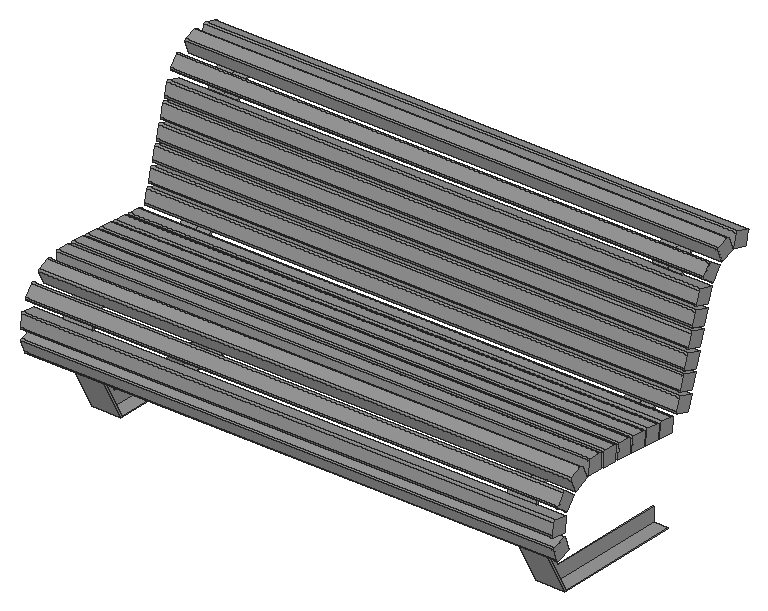
Revit family "Скамейка стальная «Мехико» Арт 13979", category Антураж, Revit 2018
Family settings
  На основе рабочей плоскости = Нет
  Всегда вертикально = Да
  При загрузке вырезать с полостями = Нет
  Источник визуального образа = Геометрия семейства
  Общий = Нет
  Точка расчета площади = Нет
Parameters (values of type "Версия 1,8 м")
  Ширина = 890 mm  # constant formula
  Цвет опоры = Сталь
  Цвет лавки = Дерево
  Средняя опора = or([Версия 2,0 м (3 опоры)], [Версия 2,5 м (3 опоры)])  # no
  Описание = if([Версия 1,8 м], "Скамейка стальная «Мехико». Версия 1,8 м", if([Версия 2,0 м], "Скамейка стальная «Мехико». Версия 2,0 м (2 опоры)", if([Версия 2,0 м (3 опоры)], "Скамейка стальная «Мехико». Версия 2,0 м (3 опоры)", "Скамейка стальная «Мехико». Версия 2,5 м (3 опоры)")))  # "Скамейка стальная «Мехико». Версия 1,8 м"
  Материал изделия = "Сталь, дерево"  # constant formula
  Изображение типоразмера = Скамейка стальная «Мехико» Арт 13979 2 опоры.jpg
  Изготовитель = "ООО «Хоббика»"  # constant formula
  Длина = if([Версия 1,8 м], 1800 mm, if(or([Версия 2,0 м], [Версия 2,0 м (3 опоры)]), 2000 mm, 2500 mm))  # 1800 mm
  Группа модели = "Скамейки"  # constant formula
  Высота = 860 mm  # constant formula
  Версия 2,5 м (3 опоры) = no
  Версия 2,0 м (3 опоры) = no
  Версия 2,0 м = no
  Версия 1,8 м = yes
  Артикул товара = "Арт. 13979"  # constant formula
  URL = "https://hobbyka.ru/product/skameyka_mekhiko/"
Types (5, lengths in mm): name | Средняя опора | Описание | Изображение типоразмера | Длина | Версия 2,5 м (3 опоры) | Версия 2,0 м (3 опоры) | Версия 2,0 м | Версия 1,8 м
  (no name) | no | "Скамейка стальная «Мехико». Версия 1,8 м" | Скамейка стальная «Мехико» Арт 13979 2 опоры.jpg | 1800 | no | no | no | yes
  Версия 1,8 м | no | "Скамейка стальная «Мехико». Версия 1,8 м" | Скамейка стальная «Мехико» Арт 13979 2 опоры.jpg | 1800 | no | no | no | yes
  Версия 2,0 м | no | "Скамейка стальная «Мехико». Версия 2,0 м (2 опоры)" | Скамейка стальная «Мехико» Арт 13979 2 опоры.jpg | 2000 | no | no | yes | no
  Версия 2,0 м (3 опоры) | yes | "Скамейка стальная «Мехико». Версия 2,0 м (3 опоры)" | Скамейка стальная «Мехико» Арт 13979 3 опоры.jpg | 2000 | no | yes | no | no
  Версия 2,5 м (3 опоры) | yes | "Скамейка стальная «Мехико». Версия 2,5 м (3 опоры)" | Скамейка стальная «Мехико» Арт 13979 3 опоры.jpg | 2500 | yes | no | no | no
Reference planes
  plane 1 "По центру (Вперед/Назад)": y = 0
  plane 2: z = 0
  plane 3 "По центру (Влево/Вправо)": x = 0
  plane 4: x = 1800
  plane 5: x = 900
  plane 6: y = 890
  plane 7: z = 860
Forms (mm)
  Extrusion 1, solid, material "Дерево" <- "Цвет лавки"
    sketch origin (0, 0, 0) x (0, 1, 0) y (0, 0, 1)
      loop
        line (815.072, 800.975) -> (826.539, 844.489)
        arc (826.539, 844.489) -> (826.024, 848.281) -> (822.978, 850.598) r 5
        line (822.978, 850.598) -> (784.298, 860.791)
        arc (784.298, 860.791) -> (780.506, 860.276) -> (778.189, 857.23) r 5
        line (778.189, 857.23) -> (766.723, 813.716) -> (815.072, 800.975)
      loop
        line (671.358, 742.911) -> (628.206, 755.672)
        arc (628.206, 755.672) -> (624.4, 755.27) -> (621.993, 752.295) r 5
        line (621.993, 752.295) -> (610.65, 713.937)
        arc (610.65, 713.937) -> (611.051, 710.132) -> (614.026, 707.725) r 5
        line (614.026, 707.725) -> (657.179, 694.963) -> (671.358, 742.911)
      loop
        line (654.343, 685.374) -> (611.191, 698.135)
        arc (611.191, 698.135) -> (607.385, 697.734) -> (604.978, 694.759) r 5
        line (604.978, 694.759) -> (593.634, 656.401)
        arc (593.634, 656.401) -> (594.036, 652.595) -> (597.011, 650.188) r 5
        line (597.011, 650.188) -> (640.164, 637.427) -> (654.343, 685.374)
      loop
        line (637.328, 627.837) -> (594.175, 640.599)
        arc (594.175, 640.599) -> (590.37, 640.197) -> (587.963, 637.222) r 5
        line (587.963, 637.222) -> (576.619, 598.864)
        arc (576.619, 598.864) -> (577.021, 595.058) -> (579.996, 592.651) r 5
        line (579.996, 592.651) -> (623.149, 579.89) -> (637.328, 627.837)
      loop
        line (620.313, 570.3) -> (577.16, 583.062)
        arc (577.16, 583.062) -> (573.354, 582.66) -> (570.947, 579.685) r 5
        line (570.947, 579.685) -> (559.604, 541.327)
        arc (559.604, 541.327) -> (560.006, 537.521) -> (562.981, 535.114) r 5
        line (562.981, 535.114) -> (606.133, 522.353) -> (620.313, 570.3)
      loop
        line (603.297, 512.764) -> (560.145, 525.525)
        arc (560.145, 525.525) -> (556.339, 525.123) -> (553.932, 522.148) r 5
        line (553.932, 522.148) -> (542.589, 483.79)
        arc (542.589, 483.79) -> (542.99, 479.985) -> (545.965, 477.578) r 5
        line (545.965, 477.578) -> (589.118, 464.816) -> (603.297, 512.764)
      loop
        line (586.282, 455.227) -> (543.13, 467.988)
        arc (543.13, 467.988) -> (539.324, 467.587) -> (536.917, 464.611) r 5
        line (536.917, 464.611) -> (525.573, 426.254)
        arc (525.573, 426.254) -> (525.975, 422.448) -> (528.95, 420.041) r 5
        line (528.95, 420.041) -> (572.103, 407.279) -> (586.282, 455.227)
      loop
        line (504.01, 372.954) -> (507.432, 417.824)
        arc (507.432, 417.824) -> (506.24, 421.461) -> (502.827, 423.19) r 5
        line (502.827, 423.19) -> (462.942, 426.232)
        arc (462.942, 426.232) -> (459.306, 425.04) -> (457.577, 421.626) r 5
        line (457.577, 421.626) -> (454.154, 376.757) -> (504.01, 372.954)
      loop
        line (444.183, 377.517) -> (447.606, 422.387)
        arc (447.606, 422.387) -> (446.414, 426.024) -> (443, 427.753) r 5
        line (443, 427.753) -> (403.116, 430.795)
        arc (403.116, 430.795) -> (399.479, 429.603) -> (397.75, 426.189) r 5
        line (397.75, 426.189) -> (394.328, 381.32) -> (444.183, 377.517)
      loop
        line (384.357, 382.08) -> (387.779, 426.95)
        arc (387.779, 426.95) -> (386.588, 430.587) -> (383.174, 432.316) r 5
        line (383.174, 432.316) -> (343.29, 435.358)
        arc (343.29, 435.358) -> (339.653, 434.166) -> (337.924, 430.752) r 5
        line (337.924, 430.752) -> (334.502, 385.883) -> (384.357, 382.08)
      loop
        line (324.531, 386.643) -> (327.953, 431.513)
        arc (327.953, 431.513) -> (326.762, 435.15) -> (323.348, 436.879) r 5
        line (323.348, 436.879) -> (283.464, 439.921)
        arc (283.464, 439.921) -> (279.827, 438.729) -> (278.098, 435.315) r 5
        line (278.098, 435.315) -> (274.676, 390.446) -> (324.531, 386.643)
      loop
        line (264.705, 391.206) -> (268.127, 436.076)
        arc (268.127, 436.076) -> (266.936, 439.713) -> (263.522, 441.442) r 5
        line (263.522, 441.442) -> (223.637, 444.484)
        arc (223.637, 444.484) -> (220.001, 443.292) -> (218.272, 439.878) r 5
        line (218.272, 439.878) -> (214.849, 395.009) -> (264.705, 391.206)
      loop
        line (204.705, 395.783) -> (205.234, 440.779)
        arc (205.234, 440.779) -> (203.812, 444.332) -> (200.293, 445.838) r 5
        line (200.293, 445.838) -> (160.296, 446.309)
        arc (160.296, 446.309) -> (156.744, 444.886) -> (155.238, 441.368) r 5
        line (155.238, 441.368) -> (154.708, 396.371) -> (204.705, 395.783)
      loop
        line (144.563, 394.55) -> (125.553, 435.337)
        arc (125.553, 435.337) -> (122.732, 437.923) -> (118.908, 437.757) r 5
        line (118.908, 437.757) -> (82.653, 420.859)
        arc (82.653, 420.859) -> (80.067, 418.038) -> (80.233, 414.214) r 5
        line (80.233, 414.214) -> (99.244, 373.427) -> (144.563, 394.55)
      loop
        line (91.267, 366.956) -> (55.025, 393.631)
        arc (55.025, 393.631) -> (51.31, 394.547) -> (48.034, 392.568) r 5
        line (48.034, 392.568) -> (24.323, 360.353)
        arc (24.323, 360.353) -> (23.407, 356.638) -> (25.386, 353.363) r 5
        line (25.386, 353.363) -> (61.628, 326.688) -> (91.267, 366.956)
      loop
        line (57.328, 317.511) -> (12.805, 324.05)
        arc (12.805, 324.05) -> (9.095, 323.115) -> (7.132, 319.83) r 5
        line (7.132, 319.83) -> (1.319, 280.255)
        arc (1.319, 280.255) -> (2.254, 276.544) -> (5.539, 274.581) r 5
        line (5.539, 274.581) -> (50.062, 268.041) -> (57.328, 317.511)
      loop
        line (50.701, 258.139) -> (8.275, 243.137)
        arc (8.275, 243.137) -> (5.43, 240.578) -> (5.228, 236.756) r 5
        line (5.228, 236.756) -> (18.562, 199.044)
        arc (18.562, 199.044) -> (21.122, 196.199) -> (24.943, 195.997) r 5
        line (24.943, 195.997) -> (67.369, 210.999) -> (50.701, 258.139)
      loop
        line (704.975, 792.134) -> (669.175, 819.399)
        arc (669.175, 819.399) -> (665.475, 820.376) -> (662.168, 818.451) r 5
        line (662.168, 818.451) -> (637.932, 786.629)
        arc (637.932, 786.629) -> (636.955, 782.929) -> (638.88, 779.622) r 5
        line (638.88, 779.622) -> (674.68, 752.357) -> (704.975, 792.134)
      loop
        line (760.11, 814.349) -> (745.524, 856.92)
        arc (745.524, 856.92) -> (742.992, 859.79) -> (739.173, 860.029) r 5
        line (739.173, 860.029) -> (701.333, 847.064)
        arc (701.333, 847.064) -> (698.463, 844.532) -> (698.223, 840.713) r 5
        line (698.223, 840.713) -> (712.809, 798.142) -> (760.11, 814.349)
    from 0 to 1800
Dimensions and locks
  "Ширина": plane 6 to plane 1 "По центру (Вперед/Назад)"
  equal spacing: plane 3 "По центру (Влево/Вправо)", plane 5, plane 4
  "Длина": plane 3 "По центру (Влево/Вправо)" to plane 4
  locked: plane 3 "По центру (Влево/Вправо)" to nested 1 at 150
  locked: nested 3 to plane 4 at 150
  "Высота": plane 7 to plane 2
  aligned and locked: level to plane 2
  aligned and locked: plane 5 to nested 2
  aligned and locked: Extrusion 1 to plane 3 "По центру (Влево/Вправо)"
  aligned and locked: plane 4 to Extrusion 1
Automatic sketch dimensions
  Extrusion 1 sketch curve to plane 1 "По центру (Вперед/Назад)" = 1.319 mm
  Extrusion 1 sketch curve to plane 1 "По центру (Вперед/Назад)" = 5.228 mm
  Extrusion 1 sketch curve to plane 1 "По центру (Вперед/Назад)" = 5.539 mm
  Extrusion 1 sketch curve to Extrusion 1 sketch curve = 4.947 mm  (x2)
  Extrusion 1 sketch curve to plane 1 "По центру (Вперед/Назад)" = 7.132 mm
  Extrusion 1 sketch curve to Extrusion 1 sketch curve = 3.047 mm
  Extrusion 1 sketch curve to Extrusion 1 sketch curve = 1.667 mm  (x2)
  Extrusion 1 sketch curve to Extrusion 1 sketch curve = 0.727 mm
  Extrusion 1 sketch curve to plane 1 "По центру (Вперед/Назад)" = 18.562 mm
  Extrusion 1 sketch curve to Extrusion 1 sketch curve = 4.714 mm  (x3)
  Extrusion 1 sketch curve to plane 1 "По центру (Вперед/Назад)" = 24.323 mm
  Extrusion 1 sketch curve to Extrusion 1 sketch curve = 1.063 mm  (x2)
  Extrusion 1 sketch curve to Extrusion 1 sketch curve = 4.027 mm  (x2)
  Extrusion 1 sketch curve to Extrusion 1 sketch curve = 23.711 mm
  Extrusion 1 sketch curve to Extrusion 1 sketch curve = 44.522 mm  (x2)
  Extrusion 1 sketch curve to Extrusion 1 sketch curve = 0.639 mm
  Extrusion 1 sketch curve to Extrusion 1 sketch curve = 2.964 mm
  Extrusion 1 sketch curve to Extrusion 1 sketch curve = 4.3 mm
  Extrusion 1 sketch curve to Extrusion 1 sketch curve = 42.426 mm
  Extrusion 1 sketch curve to Extrusion 1 sketch curve = 25.208 mm
  Extrusion 1 sketch curve to Extrusion 1 sketch curve = 2.42 mm
  Extrusion 1 sketch curve to Extrusion 1 sketch curve = 2.112 mm  (x3)
  Extrusion 1 sketch curve to Extrusion 1 sketch curve = 36.242 mm
  Extrusion 1 sketch curve to Extrusion 1 sketch curve = 7.977 mm
  Extrusion 1 sketch curve to Extrusion 1 sketch curve = 36.255 mm
  Extrusion 1 sketch curve to Extrusion 1 sketch curve = 4.532 mm  (x2)
  Extrusion 1 sketch curve to Extrusion 1 sketch curve = 19.011 mm
  Extrusion 1 sketch curve to Extrusion 1 sketch curve = 10.145 mm  (x2)
  Extrusion 1 sketch curve to Extrusion 1 sketch curve = 29.685 mm
  Extrusion 1 sketch curve to Extrusion 1 sketch curve = 5 mm  (x2)
  Extrusion 1 sketch curve to Extrusion 1 sketch curve = 0.059 mm  (x4)
  Extrusion 1 sketch curve to Extrusion 1 sketch curve = 39.997 mm
  Extrusion 1 sketch curve to Extrusion 1 sketch curve = 4.47 mm
  Extrusion 1 sketch curve to Extrusion 1 sketch curve = 13.037 mm
  Extrusion 1 sketch curve to Extrusion 1 sketch curve = 4.986 mm  (x10)
  Extrusion 1 sketch curve to Extrusion 1 sketch curve = 0.38 mm  (x20)
  Extrusion 1 sketch curve to Extrusion 1 sketch curve = 39.884 mm  (x5)
  Extrusion 1 sketch curve to Extrusion 1 sketch curve = 1.563 mm  (x5)
  Extrusion 1 sketch curve to Extrusion 1 sketch curve = 9.971 mm  (x8)
  level to Extrusion 1 sketch curve = 422.387 mm
  Extrusion 1 sketch curve to Extrusion 1 sketch curve = 18.142 mm
  Extrusion 1 sketch curve to Extrusion 1 sketch curve = 3.377 mm  (x6)
  Extrusion 1 sketch curve to Extrusion 1 sketch curve = 4.795 mm  (x23)
  Extrusion 1 sketch curve to Extrusion 1 sketch curve = 11.344 mm  (x6)
  Extrusion 1 sketch curve to Extrusion 1 sketch curve = 5.672 mm  (x5)
  Extrusion 1 sketch curve to Extrusion 1 sketch curve = 1.418 mm  (x6)
  Extrusion 1 sketch curve to Extrusion 1 sketch curve = 43.153 mm  (x6)
  Extrusion 1 sketch curve to Extrusion 1 sketch curve = 2.836 mm  (x5)
  Extrusion 1 sketch curve to plane 7 = 161.865 mm
  Extrusion 1 sketch curve to plane 7 = 152.275 mm
  Extrusion 1 sketch curve to plane 7 = 107.705 mm
  Extrusion 1 sketch curve to plane 7 = 104.328 mm
  Extrusion 1 sketch curve to plane 7 = 73.371 mm
  Extrusion 1 sketch curve to Extrusion 1 sketch curve = 9.726 mm
  Extrusion 1 sketch curve to plane 7 = 80.378 mm
  Extrusion 1 sketch curve to Extrusion 1 sketch curve = 0.948 mm
  Extrusion 1 sketch curve to Extrusion 1 sketch curve = 3.029 mm  (x2)
  Extrusion 1 sketch curve to plane 7 = 174.626 mm
  Extrusion 1 sketch curve to plane 7 = 41.549 mm
  Extrusion 1 sketch curve to Extrusion 1 sketch curve = 24.236 mm
  Extrusion 1 sketch curve to Extrusion 1 sketch curve = 3.978 mm
  Extrusion 1 sketch curve to plane 7 = 40.601 mm
  Extrusion 1 sketch curve to plane 7 = 117.089 mm
  Extrusion 1 sketch curve to Extrusion 1 sketch curve = 3.321 mm
  Extrusion 1 sketch curve to plane 7 = 19.287 mm
  Extrusion 1 sketch curve to Extrusion 1 sketch curve = 29.048 mm
  Extrusion 1 sketch curve to plane 7 = 12.936 mm
  Extrusion 1 sketch curve to Extrusion 1 sketch curve = 3.109 mm
  Extrusion 1 sketch curve to Extrusion 1 sketch curve = 1.621 mm  (x2)
  Extrusion 1 sketch curve to plane 7 = 67.866 mm
  Extrusion 1 sketch curve to plane 7 = 61.858 mm
  Extrusion 1 sketch curve to Extrusion 1 sketch curve = 7.835 mm
  plane 7 to Extrusion 1 sketch curve = 0.029 mm
  Extrusion 1 sketch curve to Extrusion 1 sketch curve = 37.84 mm
  Extrusion 1 sketch curve to plane 7 = 3.08 mm
  Extrusion 1 sketch curve to Extrusion 1 sketch curve = 4.73 mm
  Extrusion 1 sketch curve to Extrusion 1 sketch curve = 6.613 mm
  Extrusion 1 sketch curve to plane 7 = 2.77 mm
  Extrusion 1 sketch curve to Extrusion 1 sketch curve = 32.665 mm
  Extrusion 1 sketch curve to Extrusion 1 sketch curve = 4.835 mm
  plane 7 to Extrusion 1 sketch curve = 0.791 mm
  Extrusion 1 sketch curve to Extrusion 1 sketch curve = 1.274 mm  (x2)
  Extrusion 1 sketch curve to Extrusion 1 sketch curve = 48.349 mm
  Extrusion 1 sketch curve to plane 7 = 14.237 mm
  Extrusion 1 sketch curve to Extrusion 1 sketch curve = 38.68 mm
  Extrusion 1 sketch curve to plane 7 = 9.402 mm
  Extrusion 1 sketch curve to plane 7 = 15.511 mm
  Extrusion 1 sketch curve to Extrusion 1 sketch curve = 0.761 mm  (x4)
  Extrusion 1 sketch curve to Extrusion 1 sketch curve = 1.528 mm
  Extrusion 1 sketch curve to Extrusion 1 sketch curve = 6.191 mm
  Extrusion 1 sketch curve to Extrusion 1 sketch curve = 1.837 mm
  Extrusion 1 sketch curve to Extrusion 1 sketch curve = 12.761 mm
  Extrusion 1 sketch curve to Extrusion 1 sketch curve = 19.956 mm
  Extrusion 1 sketch curve to Extrusion 1 sketch curve = 0.589 mm
  Extrusion 1 sketch curve to Extrusion 1 sketch curve = 0.774 mm
  Extrusion 1 sketch curve to Extrusion 1 sketch curve = 1.821 mm
  Extrusion 1 sketch curve to Extrusion 1 sketch curve = 20.583 mm
  Extrusion 1 sketch curve to Extrusion 1 sketch curve = 3.803 mm  (x3)
  Extrusion 1 sketch curve to Extrusion 1 sketch curve = 6.471 mm
  Extrusion 1 sketch curve to Extrusion 1 sketch curve = 6.991 mm
  Extrusion 1 sketch curve to Extrusion 1 sketch curve = 29.312 mm
  Extrusion 1 sketch curve to Extrusion 1 sketch curve = 4.22 mm
  Extrusion 1 sketch curve to Extrusion 1 sketch curve = 9.177 mm
  Extrusion 1 sketch curve to Extrusion 1 sketch curve = 5.674 mm
  Extrusion 1 sketch curve to Extrusion 1 sketch curve = 9.903 mm
  Extrusion 1 sketch curve to Extrusion 1 sketch curve = 31.444 mm
  Extrusion 1 sketch curve to Extrusion 1 sketch curve = 9.589 mm  (x6)
Nested families
  nested 1: "Скамейка стальная «Мехико» опора" at (150, 16, 0), type "Скамейка стальная «Мехико» опора"
  nested 2: "Скамейка стальная «Мехико» опора" at (900, 16, 0), visible <- "Средняя опора", type "Скамейка стальная «Мехико» опора"
  nested 3: "Скамейка стальная «Мехико» опора" at (1650, 16, 0), type "Скамейка стальная «Мехико» опора"
Definition of nested family "Скамейка стальная «Мехико» опора"
  Parameters (values of type "Скамейка стальная «Мехико» опора")
    Цвет опоры = none
    Height = 0 mm
  Reference planes
    plane 1 "По центру (Вперед/Назад)": y = 0
    plane 2: z = 0
    plane 3 "По центру (Влево/Вправо)": x = 0
  Forms (mm)
    Sweep 1, solid, material <- "Цвет опоры"
      path origin (0, 0, 0) x (0, 1, 0) y (0, 0, 1)
        loop
          arc (799.072, 800.975) -> (713.204, 806.622) -> (655.358, 742.911) r 98.993
          line (655.358, 742.911) -> (561.774, 426.458)
          arc (561.774, 426.458) -> (531.635, 386.198) -> (483.016, 373.335) r 76.536
          line (483.016, 373.335) -> (166.275, 397.493)
          arc (166.275, 397.493) -> (53.915, 342.349) -> (47.681, 217.342) r 123.295
          line (47.681, 217.342) -> (161.535, 0) -> (596.535, 0)
      profile origin (0, 379.035, 0) x (0, 0, 1) y (1, 0, 0)
        loop
          line (0, -50) -> (3, -50) -> (3, -1.5) -> (50, -1.5) -> (50, 1.5) -> (3, 1.5) -> (3, 50) -> (0, 50) -> (0, -50)
  Dimensions and locks
    aligned and locked: level to plane 2
